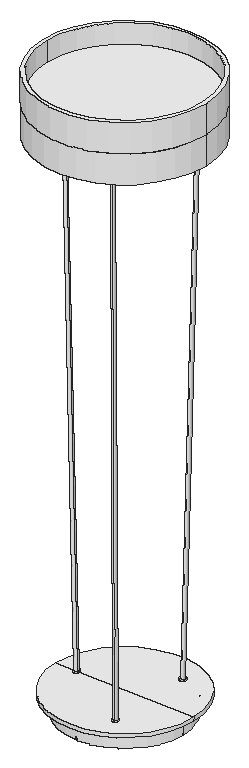
Revit family "DEEP FOCUS ROUND LIGHT", category Lighting Fixtures, host Face, Revit 2020
Family settings
  Host = Face
  Round Connector Dimension = Use Diameter
  Part Type = Normal
  Cut with Voids When Loaded = No
  Light Source = Yes
  Shared = No
  Room Calculation Point = No
Parameters (values of type "DFRD12-15-40901-ACPMK")
  Wattage Comments = "15 W"
  Wattage = 8.61709 W
  built-in parameter 1150110 = 1 (stored number, unit not read)
  Voltage = "120-277 V"  # constant formula
  URL = "https://www.abovealllighting.com/search/index.html?keys=DEEP%20FOCUS%20ROUND%20LIGHT"
  Type Comments = "DEEP FOCUS ROUND LIGHT"  # constant formula
  built-in parameter 1114217 = 1 (stored number, unit not read)
  Tilt Angle = -90.00°
  built-in parameter 1150109 = 1 (stored number, unit not read)
  built-in parameter 1150134 = 12
  Suspender Material = Aluminum
  Surface Mount = not(Aircraft Cable Pendant Mount)  # no
  built-in parameter 1150113 = 1 (stored number, unit not read)
  Power Factor = 1  # constant formula
  Photometric Web File = "DFRD12_15_40901_ACPMK.IES"
  Order number = "16821"
  built-in parameter 1150142 = "﻿IESNA:LM-63-2002\r\n[TEST] \r\n[DATE] 2023-08-19\r\n[MANUFAC] Aboveall lighting\r\n[LUMCAT] \r\n[LUMINAIRE] DFRD12-15-40901-ACPMK\r\n[LAMPCAT] \r\n[LAMP] \r\nTILT=NONE\r\n1 1353.7 0.7 91 13 1 2 0.30 0.30 0.10\r\n1 1 15.8\r\n0. 1. 2. 3. 4. 5. 6. 7. 8. 9. 10. 11. 12. 13. 14. 15. 16. 17. 18. 19. 20. 21. 22. 23. 24. 25. 26. 27. 28. 29. 30. 31. 32. 33. 34. 35. 36. 37. 38. 39. 40. 41. 42. 43. 44. 45. 46. 47. 48. 49. 50. 51. 52. 53. 54. 55. 56. 57. 58. 59. 60. 61. 62. 63. 64. 65. 66. 67. 68. 69. 70. 71. 72. 73. 74. 75. 76. 77. 78. 79. 80. 81. 82. 83. 84. 85. 86. 87. 88. 89. 90. \r\n0. 30. 60. 90. 120. 150. 180. 210. 240. 270. 300. 330. 360. \r\n711.917 711.59 709.82 709.82 706.634 705.218 703.802 700.969 697.429 695.659 691.765 689.641 684.684 679.728 676.896 671.231 665.213 658.84 655.3 648.22 644.68 636.891 628.394 624.5 615.295 611.047 601.842 597.24 587.681 577.769 572.812 562.192 557.235 546.261 534.932 529.267 517.939 511.92 499.883 494.219 481.828 469.437 462.357 449.612 436.867 430.14 417.041 403.234 396.508 383.055 369.248 362.168 348.29 334.341 327.261 313.241 306.161 292.071 277.556 270.263 255.075 247.994 234.577 219.495 212.38 198.289 191.173 177.402 170.498 156.691 143.026 136.229 122.988 116.51 103.694 77.0 77.0 72.504 60.751 54.343 43.297 32.606 27.402 17.347 8.39 4.567 0.637 0.708 0.743 0.814 0.885 \r\n711.917 711.236 710.528 709.466 709.112 707.342 705.218 703.802 700.969 699.553 694.243 689.995 689.995 685.392 680.436 677.604 675.126 669.461 663.089 656.362 653.176 646.096 642.201 634.413 626.27 618.128 613.525 604.675 599.718 590.514 580.601 575.645 565.732 560.422 549.447 537.764 532.454 520.771 515.106 497.051 491.387 485.368 472.623 466.605 453.86 447.488 434.389 414.563 408.191 401.11 394.384 380.931 366.77 358.981 345.528 331.474 324.464 310.409 296.142 274.83 274.83 260.421 253.305 238.931 224.806 217.69 203.494 196.59 182.606 168.728 161.86 148.159 140.654 127.201 120.581 107.553 88.648 88.648 76.115 70.168 58.556 47.298 41.775 31.048 20.817 15.931 7.576 4.496 0.248 0.212 0.212 \r\n711.917 711.944 711.59 711.236 710.174 709.82 708.404 707.342 705.218 702.74 700.969 697.783 694.243 692.119 687.871 682.914 680.436 675.126 669.461 666.275 659.903 653.176 649.636 646.096 638.661 630.872 622.022 617.774 608.923 604.321 595.116 585.203 580.247 570.334 565.378 554.757 549.447 538.472 526.789 521.125 509.442 503.424 491.387 479.35 472.269 459.878 447.134 440.761 427.662 414.563 407.837 394.384 387.303 373.85 360.043 346.307 339.368 325.561 318.587 304.32 290.053 282.866 267.501 260.421 246.189 239.144 225.195 211.034 204.025 189.934 183.031 169.118 162.391 148.903 135.415 128.688 115.695 102.95 102.95 84.258 72.292 66.344 54.06 48.289 46.944 27.083 16.993 12.355 2.16 0.248 0.212 \r\n711.917 711.59 710.882 709.82 709.112 707.342 704.864 703.802 700.969 697.429 695.659 691.411 687.162 684.684 679.374 674.064 671.231 665.213 662.027 655.3 648.22 644.68 636.891 632.997 624.854 620.606 611.755 602.905 597.948 588.035 583.079 573.166 562.9 557.589 546.969 541.304 530.329 518.647 512.628 500.945 488.909 482.89 470.499 458.108 451.736 438.991 425.538 419.166 405.005 391.198 384.471 371.018 364.646 350.272 343.263 329.243 315.33 308.214 294.159 287.008 272.882 258.544 251.358 237.161 230.116 215.955 201.051 194.112 180.376 173.508 159.736 146.142 139.521 126.139 113.146 106.632 76.894 76.894 75.372 63.583 52.219 46.59 35.615 30.305 20.038 10.125 6.266 0.885 0.549 0.212 0.212 \r\n711.917 712.298 712.298 711.59 710.528 709.466 708.758 706.634 705.572 702.74 701.323 697.783 693.889 692.119 689.995 685.392 680.436 674.772 671.939 665.921 662.735 656.008 648.928 645.742 641.847 634.059 625.916 617.066 612.817 603.259 594.054 589.098 579.185 569.272 563.962 553.341 548.031 536.702 525.373 519.355 507.672 495.635 489.617 477.58 471.207 458.816 445.717 439.345 425.538 419.166 405.359 391.906 385.179 371.372 364.646 350.874 344.006 329.951 315.932 308.71 294.62 280.246 272.953 258.686 244.454 237.515 223.354 208.379 201.334 187.35 173.366 166.569 152.939 146.283 132.795 119.625 113.146 100.437 100.437 81.78 69.814 63.972 52.396 46.625 35.367 30.623 20.286 10.267 1.168 0.248 0.177 \r\n711.917 712.298 711.59 710.882 709.466 707.696 706.634 704.156 702.74 699.553 697.783 693.889 689.641 687.162 682.56 680.082 674.418 668.399 665.213 658.84 655.654 645.033 641.139 637.245 624.854 620.252 616.003 606.799 597.594 592.992 583.079 573.166 567.856 557.589 546.615 540.95 529.621 523.957 512.628 506.256 488.554 482.182 475.81 463.419 457.046 443.239 430.14 423.414 410.315 403.234 389.782 382.701 368.894 355.087 341.174 327.19 320.039 312.993 291.54 284.424 277.308 262.828 247.57 240.348 226.08 211.884 204.803 183.704 183.704 169.861 155.983 142.389 135.698 128.9 115.802 102.844 90.17 77.567 77.567 65.601 59.83 42.271 36.783 31.402 16.179 16.179 7.576 1.876 0.177 0.177 0.177 \r\n711.917 713.006 713.006 713.006 712.298 711.944 710.528 709.82 708.05 705.572 704.156 701.323 699.553 696.013 691.765 689.995 684.684 679.728 676.896 671.231 668.399 662.027 655.3 648.22 644.325 636.891 628.394 624.5 624.5 611.401 602.196 592.638 587.681 577.061 572.104 561.838 556.173 545.552 533.87 528.205 516.522 510.858 498.821 486.784 480.412 468.021 461.649 448.55 435.805 429.078 415.625 402.172 395.092 380.577 366.77 359.689 345.847 332.005 324.783 310.445 303.293 296.106 274.157 266.935 252.526 245.375 231.037 216.663 209.512 202.361 188.306 173.26 159.488 152.691 138.919 132.051 118.882 112.332 105.889 86.878 80.824 68.681 56.892 51.015 46.767 29.49 24.322 14.657 4.071 0.248 0.177 \r\n711.917 711.236 711.236 710.528 710.174 708.404 706.634 705.572 703.094 700.261 698.491 694.951 691.057 688.579 684.33 679.02 676.542 670.877 667.691 661.673 654.946 654.946 644.325 639.723 631.935 623.792 619.19 610.693 606.091 601.488 587.327 582.371 572.458 567.502 556.881 551.217 540.242 528.913 523.249 511.566 498.821 493.511 480.412 468.021 461.649 455.276 435.805 429.078 415.625 409.253 395.8 381.993 374.912 361.105 347.157 340.324 326.128 326.128 304.709 290.407 283.114 267.926 260.669 246.366 239.179 224.983 210.822 203.812 189.722 182.712 168.764 155.028 148.159 134.636 121.395 114.775 102.03 89.533 83.444 76.505 58.804 53.068 46.66 31.19 25.915 16.002 11.4 3.576 0.779 0.743 0.779 \r\n711.917 711.236 710.174 709.466 708.05 705.926 704.864 702.032 700.615 697.429 695.659 691.411 684.684 684.684 679.374 673.71 670.877 664.859 658.486 654.946 647.866 640.431 636.537 628.394 620.252 615.649 606.799 602.196 592.992 583.079 577.769 567.856 562.192 551.925 540.242 534.224 522.895 517.23 499.529 499.529 487.138 474.747 468.729 455.984 449.612 436.513 423.414 416.687 402.88 389.427 382.347 367.832 353.883 346.944 332.783 318.693 311.648 297.487 283.008 275.644 261.306 254.332 239.887 225.691 218.54 204.449 197.369 183.35 176.481 162.604 147.982 141.114 127.803 121.218 108.261 77.39 77.39 76.611 70.628 58.839 47.475 41.846 31.013 20.427 15.577 6.974 0.85 0.602 0.673 0.743 0.779 \r\n711.917 711.944 711.944 711.236 710.174 709.466 707.696 706.634 704.156 702.74 699.907 696.367 694.243 689.995 687.871 683.268 678.312 675.48 669.461 666.629 660.257 657.07 649.636 642.555 634.413 630.518 630.518 612.817 608.569 599.364 589.806 584.849 574.937 564.316 559.005 548.385 542.72 531.391 525.727 514.044 502.361 495.635 483.952 477.934 465.543 452.444 445.009 432.264 425.538 412.085 405.359 391.906 377.745 371.018 357.211 343.475 336.359 322.34 307.896 300.85 286.371 272.104 264.952 250.685 235.533 228.452 214.185 207.282 193.227 179.278 172.269 165.4 151.629 138.105 124.758 118.209 105.358 105.358 86.524 80.328 68.291 56.467 50.626 47.085 33.42 22.87 13.205 4.992 0.779 0.743 0.814 \r\n711.917 711.944 710.882 709.466 708.758 706.988 704.51 703.094 699.907 696.367 694.243 689.995 687.871 683.268 677.958 675.126 669.461 666.629 659.903 653.176 649.636 642.201 634.413 630.165 625.916 617.42 608.569 603.967 594.762 589.452 579.539 569.272 563.962 553.341 542.366 536.702 525.373 513.69 507.672 495.989 483.598 477.226 464.835 452.09 445.717 432.619 425.184 411.731 398.278 391.552 377.745 370.664 356.857 349.954 335.863 321.809 314.764 300.603 293.31 278.901 264.421 257.412 235.958 235.958 220.876 206.715 199.635 185.721 171.879 164.94 151.239 137.574 130.918 117.89 104.862 77.319 77.319 73.566 67.583 55.901 50.165 38.978 28.11 22.87 12.603 8.355 1.947 0.637 0.673 0.743 0.814 \r\n711.917 712.298 711.944 711.59 710.528 709.112 708.404 705.926 703.448 702.032 698.845 695.305 693.181 688.579 686.454 681.498 676.188 673.356 667.337 660.965 657.424 650.698 647.158 639.723 635.475 627.332 618.836 614.587 609.985 601.134 591.576 581.309 575.999 565.732 560.422 549.801 538.826 533.162 521.479 509.796 503.778 491.741 479.35 473.331 460.941 447.842 441.469 428.37 414.917 414.917 393.676 386.949 373.142 366.416 352.573 338.625 331.474 317.49 310.267 296.071 281.521 274.476 260.031 252.915 238.648 231.639 217.513 203.387 196.413 182.323 174.534 160.727 147.027 133.609 126.989 113.819 101.11 101.11 82.523 70.522 64.716 53.104 47.369 36.5 25.95 25.95 10.869 3.646 0.814 0.779 0.885 \r\n711.917 711.59 709.82 709.82 706.634 705.218 703.802 700.969 697.429 695.659 691.765 689.641 684.684 679.728 676.896 671.231 665.213 658.84 655.3 648.22 644.68 636.891 628.394 624.5 615.295 611.047 601.842 597.24 587.681 577.769 572.812 562.192 557.235 546.261 534.932 529.267 517.939 511.92 499.883 494.219 481.828 469.437 462.357 449.612 436.867 430.14 417.041 403.234 396.508 383.055 369.248 362.168 348.29 334.341 327.261 313.241 306.161 292.071 277.556 270.263 255.075 247.994 234.577 219.495 212.38 198.289 191.173 177.402 170.498 156.691 143.026 136.229 122.988 116.51 103.694 77.0 77.0 72.504 60.751 54.343 43.297 32.606 27.402 17.347 8.39 4.567 0.637 0.708 0.743 0.814 0.885 \r\n"
  Model = "DFRD12-15-40901-ACPMK"
  Manufacturer = "Above All Lighting"  # constant formula
  built-in parameter 1150105 = 101.86 (stored number, unit not read)
  Lumens = 1280 lm
  built-in parameter 1150115 = 1 (stored number, unit not read)
  Load Classification = Lighting
  built-in parameter 1150137 = (empty or 0)
  built-in parameter 1150139 = (empty or 0)
  built-in parameter 1150112 = 1 (stored number, unit not read)
  built-in parameter 1150114 = 1 (stored number, unit not read)
  Inside Element = White
  built-in parameter 1150132 = 2
  built-in parameter 1150102 = (empty or 0)
  built-in parameter 1150107 = 4000 (stored number, unit not read)
  built-in parameter 1150138 = (empty or 0)
  built-in parameter 1150106 = 1.0186 (stored number, unit not read)
  IP Rating = "20"  # constant formula
  Fixture Height = 3' - 0"  # constant formula
  Fixture Diameter = D1 * 2  # 0' - 11 103/128"
  Finish/Color = White-PMMA Aluminum
  built-in parameter 1150104 = 13.8 (stored number, unit not read)
  Dimming Lamp Color Temperature Shift = <None>
  Dimming / Control = "0-10 V"  # constant formula
  Description = "The Deep Focus Round Light offers the FOCUS family more choices. Fixture comes in diameters \r\nfrom 11.8 through 23.6 Deep recessed light source design achieving perfect glare control."  # constant formula
  Default Elevation = 0' - 0"
  D2 = D1 - 0' 1 1/2"  # 0' - 4 103/256"
  D1 = 0' - 5 231/256"
  Color Filter = 16777215
  Canopy Height = 0' - 0"
  Canopy Dia = 0' - 0"
  CRI = "90"  # constant formula
  built-in parameter 1114218 = 1 (stored number, unit not read)
  B2 = 0' - 0"
  B1 = 0' - 0"
  B = 0' - 3 1/2"
  Average life based on 77F(HRS) = "50000"  # constant formula
  built-in parameter 1150133 = 10 (stored number, unit not read)
  Apparent Load = 18.75 VA
  Aircraft Cable Pendant Mount = yes
Reference planes (in)
  plane 1 "Center (Front/Back)": y = 0
  plane 2: z = 0
  plane 3 "Center (Left/Right)": x = 0
  plane 4: z = 37.38
  plane 5: z = 41.38
  plane 6: z = 1.38
  plane 7: x = -5.90234
  plane 8: x = -3.5
Dimensions and locks (in)
  "Fixture Height": plane 4 to plane 6
  locked: plane 5 to plane 4 at 4
  locked: plane 6 to plane 2 at 1.38
  "D1": plane 3 "Center (Left/Right)" to plane 7
  "B": plane 3 "Center (Left/Right)" to plane 8
  aligned and locked: plane 2 to host face
  aligned and locked: level to host face
  aligned and locked: nested 1 to plane 4
  aligned and locked: nested 3 to plane 2
  aligned and locked: plane 3 "Center (Left/Right)" to nested 3
  aligned and locked: plane 4 to imposter light
Automatic sketch dimensions
  host sketch curve to host sketch curve = 8' - 0"  (x2)
Nested families (in)
  nested 1: "Family5" at (0, 0, 37.38), D1 <- "D1", Body Material <- "Finish/Color", Inside Element <- "Inside Element", visible <- "Aircraft Cable Pendant Mount", type "Family5"
    with Inside Element White, D2 0' - 5 167/256", D1 0' - 5 231/256", D 0' - 11 103/128", Body Material White-PMMA Aluminum
  nested 2: "Family6" at (0, 0, 0), Fixture Height <- "Fixture Height", Suspender Material <- "Finish/Color", visible <- "Aircraft Cable Pendant Mount", B1 <- "D2", type "Family6"
    with Suspender Material White-PMMA Aluminum, H1 3' - 0.01131", Fixture Height 3' - 0", Canopy Dia 0' - 5", B2 0' - 0 231/256", B1 0' - 4 103/256", B 0' - 3 1/2", Aircraft Cable Pendant Mount yes
  nested 3: "DEEP FOCUS SURFACE MOUNT" at (0, 0, 0), D1 <- "D1", Body Material <- "Finish/Color", Inside Element <- "Inside Element", visible <- "Surface Mount", type "DEEP FOCUS SURFACE MOUNT"
    with Inside Element White, D2 0' - 5 167/256", D1 0' - 5 231/256", D 0' - 11 103/128", Body Material White-PMMA Aluminum
Connectors (in)
  electrical at (0, 0, 0), driven by "Load Classification", driven by "Apparent Load", driven by "Power Factor"
    settings: on host face, index 1, voltage 0 V, apparent load 18.75 VA, apparent load phase1 0 VA, apparent load phase2 0 VA, apparent load phase3 0 VA, power factor 1, load classification "Lighting", number of poles 1, system type 30, power factor state 1, is connector primary yes, connector utility no, sub classification motor no, connector description ""
Definition of nested family "Family5"
  Parameters (values of type "Family5")
    Inside Element [instance] = none
    H1 = 0' - 2"
    Default Elevation = 0' - 0"
    D2 [instance] = D1 - 0' 0 1/4"  # 0' - 9.2"
    D1 [instance] = 0' - 9.45"
    D [instance] = D1 * 2  # 1' - 6.9"
    Body Material [instance] = none
  Reference planes (in)
    plane 1 "Center (Front/Back)": y = 0
    plane 2: z = 0
    plane 3 "Center (Left/Right)": x = 0
    plane 4: x = -9.45
    plane 5: x = 9.45
    plane 6: z = 2
    plane 7: z = 4
    plane 8: z = 2.63335
  Forms (in)
    Extrusion 1, solid, material <- "Body Material"
      sketch origin (0, 0, 0) x (1, 0, 0) y (0, 1, 0)
        loop
          circle (0, 0) r 9.45
      from 0 to 2
    Sweep 2, solid, material <- "Body Material"
      path origin (0, 0, 0) x (1, 0, 0) y (0, 1, 0)
        loop
          circle (0, 0) r 9.45
      profile origin (0, 9.45, 0) x (0, -1, 0) y (0, 0, 1)
        loop
          line (0, 2) -> (0.25, 2) -> (0.25, 4) -> (0, 4) -> (0, 2)
    Extrusion 3, solid, material <- "Body Material"
      sketch origin (0, 0, 0) x (1, 0, 0) y (0, 1, 0)
        loop
          circle (0, 0) r 9.2
      from 2 to 2.63335
  Cuts and joins
    joined: Extrusion 1, Sweep 2
  Dimensions and locks (in)
    equal spacing: plane 4, plane 3 "Center (Left/Right)", plane 5
    "D": plane 4 to plane 5
    "H1": plane 6 to plane 2
    locked: plane 7 to plane 6 at 2
    locked: plane 8 to plane 6 at 0.63335
    locked: Sweep 2 sketch curve to Sweep 2 sketch curve at 0.25
    "D1": radius of Extrusion 1 sketch curve
    "D1": radius of Sweep 2 sketch curve
    "D2": radius of Extrusion 3 sketch curve
    aligned and locked: plane 2 to level
    aligned and locked: plane 7 to Sweep 2 sketch curve
    aligned and locked: profile plane to Sweep 2 sketch curve
    aligned and locked: Sweep 2 sketch curve to plane 6
    aligned and locked: plane 6 to Extrusion 1
    aligned and locked: Extrusion 3 to Extrusion 1
  Automatic sketch dimensions
    plane 1 "Center (Front/Back)" to Extrusion 1 sketch curve = 0' - 0"
    Extrusion 1 sketch curve to plane 3 "Center (Left/Right)" = 0' - 0"
    plane 1 "Center (Front/Back)" to Sweep 2 sketch curve = 0' - 0"
    Sweep 2 sketch curve to plane 3 "Center (Left/Right)" = 0' - 0"
    plane 1 "Center (Front/Back)" to Extrusion 3 sketch curve = 0' - 0"
    Extrusion 3 sketch curve to plane 3 "Center (Left/Right)" = 0' - 0"
Definition of nested family "Family6"
  Parameters (values of type "Family6")
    Suspender Material [instance] = none
    H1 [instance] = sqrt((B2 ^ 2) + (Fixture Height ^ 2))  # 4' - 11.2558"
    Fixture Height [instance] = 4' - 11"
    Default Elevation = 0' - 0"
    Canopy Height = 0' - 1.38"
    Canopy Dia [instance] = 0' - 5"
    B2 [instance] = B1 - B  # 0' - 5 1/2"
    B1 [instance] = 0' - 9"
    B [instance] = Canopy Dia - 0' 1 1/2"  # 0' - 3 1/2"
    Aircraft Cable Pendant Mount [instance] = yes
  Reference planes (in)
    plane 1 "Center (Front/Back)": y = 0
    plane 2: z = 0
    plane 3 "Center (Left/Right)": x = 0
    plane 4: z = 60.38
    plane 5: z = 1.38
    plane 6: x = -3.5
    plane 7: x = -9
  Forms (in)
    Revolve 1, solid, material <- "Suspender Material"
      sketch origin (0, 0, 0) x (1, 0, 0) y (0, 0, 1)
        loop
          line (0, 1.13) -> (0, 1.38) -> (-5, 1.38) -> (-5, 1.13) -> (-4.25, 1.13) -> (-4.25, 0) -> (-4, 0) -> (-4, 1.13) -> (0, 1.13)
        axis (0, 1.38) -> (0, 0)
      angle from 0 to 360
    Extrusion 2, void
      sketch origin (0, 0, 0) x (1, 0, 0) y (0, 0, 1)
        loop
          line (0, 0) -> (0.03614, 0) -> (0.03614, 0.17422) -> (0, 0.17422) -> (-0.05958, 0.17422) -> (-0.17155, 0.17422) -> (-0.17155, 0.09556) -> (-0.03614, 0.09556) -> (-0.03614, 0) -> (0, 0)
      from -4.50518 to 4.63148
    Extrusion 3, void
      sketch origin (-0.00455, -0.13085, 0) x (0, -1, 0) y (0, 0, 1)
        loop
          line (0, 0) -> (0.03614, 0) -> (0.03614, 0.17422) -> (0, 0.17422) -> (-0.05958, 0.17422) -> (-0.17155, 0.17422) -> (-0.17155, 0.09556) -> (-0.03614, 0.09556) -> (-0.03614, 0) -> (0, 0)
      from -4.50518 to 4.63148
    Revolve 4, solid
      sketch origin (0, 0, 0) x (1, 0, 0) y (0, 0, 1)
        loop
          line (-3.5, 1.38) -> (-3.5, 1.56399) -> (-3.59301, 1.56399) -> (-3.59301, 1.44311) -> (-3.68535, 1.44311)
          arc (-3.68535, 1.44311) -> (-3.70728, 1.43403) -> (-3.71636, 1.4121) r 0.03101
          line (-3.71636, 1.4121) -> (-3.71636, 1.38) -> (-3.5, 1.38)
        axis (-3.5, 1.56399) -> (-3.5, 1.38)
      angle from 0 to 360
    Revolve 5, solid
      sketch origin (0, 0, 0) x (-0.5, -0.866025, 0) y (0, 0, 1)
        loop
          line (-3.5, 1.38) -> (-3.5, 1.56399) -> (-3.59301, 1.56399) -> (-3.59301, 1.44311) -> (-3.68535, 1.44311)
          arc (-3.68535, 1.44311) -> (-3.70728, 1.43403) -> (-3.71636, 1.4121) r 0.03101
          line (-3.71636, 1.4121) -> (-3.71636, 1.38) -> (-3.5, 1.38)
        axis (-3.5, 1.56399) -> (-3.5, 1.38)
      angle from 0 to 360
    Revolve 6, solid
      sketch origin (0, 0, 0) x (-0.5, 0.866025, 0) y (0, 0, 1)
        loop
          line (-3.5, 1.38) -> (-3.5, 1.56399) -> (-3.59301, 1.56399) -> (-3.59301, 1.44311) -> (-3.68535, 1.44311)
          arc (-3.68535, 1.44311) -> (-3.70728, 1.43403) -> (-3.71636, 1.4121) r 0.03101
          line (-3.71636, 1.4121) -> (-3.71636, 1.38) -> (-3.5, 1.38)
        axis (-3.5, 1.56399) -> (-3.5, 1.38)
      angle from 0 to 360
  Cuts and joins
    Extrusion 2, Extrusion 3 cuts Revolve 1
  Dimensions and locks (in)
    "Canopy Dia": plane 3 "Center (Left/Right)" to Revolve 1 sketch curve
    locked: Revolve 1 sketch curve to Revolve 1 sketch curve at 0.25  (x2)
    locked: plane 3 "Center (Left/Right)" to Revolve 1 sketch curve at 4
    locked: Extrusion 2 sketch curve to Extrusion 2 sketch curve at 0.07866
    locked: Extrusion 2 sketch curve to Extrusion 2 sketch curve at 0.07228
    locked: Extrusion 3 sketch curve to Extrusion 3 sketch curve at 0.07866
    locked: Extrusion 3 sketch curve to Extrusion 3 sketch curve at 0.07228
    "Fixture Height": plane 4 to plane 5
    "Canopy Height": plane 5 to plane 2
    "B": plane 3 "Center (Left/Right)" to plane 6
    "B1": plane 3 "Center (Left/Right)" to plane 7
    locked: Revolve 4 sketch curve to Revolve 4 sketch curve at 0.06311
    locked: Revolve 5 sketch curve to Revolve 5 sketch curve at 0.06311
    locked: Revolve 6 sketch curve to Revolve 6 sketch curve at 0.06311
    aligned and locked: plane 2 to level
    aligned and locked: plane 3 "Center (Left/Right)" to Revolve 1 sketch curve
    aligned and locked: Revolve 1 sketch curve to plane 3 "Center (Left/Right)"
    aligned and locked: plane 2 to Extrusion 2 sketch curve
    aligned and locked: cut or joined group of Revolve 1, Extrusion 2, Extrusion 3 to plane 2
    aligned and locked: plane 1 "Center (Front/Back)" to nested 1
    aligned and locked: nested 1 to plane 6
    aligned and locked: plane 5 to nested 1
  Automatic sketch dimensions
    Extrusion 2 sketch curve to plane 3 "Center (Left/Right)" = 0' - 0"  (x2)
    Extrusion 2 sketch curve to plane 3 "Center (Left/Right)" = 0' - 0.03614"
    Extrusion 2 sketch curve to Extrusion 2 sketch curve = 0' - 0.05958"
    Extrusion 2 sketch curve to Extrusion 2 sketch curve = 0' - 0.11197"
    level to Extrusion 2 sketch curve = 0' - 0.09556"
    Extrusion 3 sketch curve to level = 0' - 0"
    Extrusion 3 sketch curve to plane 1 "Center (Front/Back)" = 0' - 0.04069"
    plane 1 "Center (Front/Back)" to Extrusion 3 sketch curve = 0' - 0.07127"
    plane 1 "Center (Front/Back)" to Extrusion 3 sketch curve = 0' - 0.09471"
    Extrusion 3 sketch curve to Extrusion 3 sketch curve = 0' - 0.03614"  (x2)
    level to Extrusion 3 sketch curve = 0' - 0.09556"
    Revolve 4 sketch curve to Revolve 4 sketch curve = 0' - 0.09234"
    Revolve 4 sketch curve to Revolve 4 sketch curve = 0' - 0.03101"
    Revolve 4 sketch curve to Revolve 4 sketch curve = 0' - 0.12088"
    Revolve 4 sketch curve to Revolve 4 sketch curve = 0' - 0.02023"
    Revolve 4 sketch curve to Revolve 4 sketch curve = 0' - 0.09301"
    Revolve 4 sketch curve to Revolve 4 sketch curve = 0' - 0"
    Revolve 4 sketch curve to Revolve 4 sketch curve = 0' - 0.05756"
    Revolve 5 sketch curve to Revolve 5 sketch curve = 0' - 0.09234"
    Revolve 5 sketch curve to Revolve 5 sketch curve = 0' - 0.03101"
    Revolve 5 sketch curve to Revolve 5 sketch curve = 0' - 0.12088"
    Revolve 5 sketch curve to Revolve 5 sketch curve = 0' - 0.02023"
    Revolve 5 sketch curve to Revolve 5 sketch curve = 0' - 0.09301"
    Revolve 5 sketch curve to Revolve 5 sketch curve = 0' - 0"
    Revolve 5 sketch curve to Revolve 5 sketch curve = 0' - 0.05756"
    Revolve 6 sketch curve to Revolve 6 sketch curve = 0' - 0.09234"
    Revolve 6 sketch curve to Revolve 6 sketch curve = 0' - 0.03101"
    Revolve 6 sketch curve to Revolve 6 sketch curve = 0' - 0.12088"
    Revolve 6 sketch curve to Revolve 6 sketch curve = 0' - 0.02023"
    Revolve 6 sketch curve to Revolve 6 sketch curve = 0' - 0.09301"
    Revolve 6 sketch curve to Revolve 6 sketch curve = 0' - 0"
    Revolve 6 sketch curve to Revolve 6 sketch curve = 0' - 0.05756"
    Revolve 1 sketch curve to level = 0' - 0"
    Revolve 1 sketch curve to plane 5 = 0' - 0"
    Revolve 1 sketch curve to plane 5 = 0' - 0 1/4"
    level to Revolve 1 sketch curve = 0' - 0.38"
    Revolve 1 sketch curve to Revolve 1 sketch curve = 0' - 0 3/4"
  Nested families (in)
    nested 1: "Family5" at (0, 0, 1.3916), A1 <- "B", D2 <- "B1", Suspender Height <- "Fixture Height", Suspender Material <- "Suspender Material", type "Family5"
      with Suspender Material none, Suspender Height 4' - 11", H1 4' - 11.2558", D3 0' - 5 1/2", D2 0' - 9", Aircraft Cable Pendant Mount yes, A1 0' - 3 1/2"
    nested 2: "Family5" at (0, 0, 1.3916) x (-0.5, 0.866, 0) z (0, 0, 1), A1 <- "B", D2 <- "B1", Suspender Height <- "Fixture Height", Suspender Material <- "Suspender Material", type "Family5"
      with Suspender Material none, Suspender Height 4' - 11", H1 4' - 11.2558", D3 0' - 5 1/2", D2 0' - 9", Aircraft Cable Pendant Mount yes, A1 0' - 3 1/2"
    nested 3: "Family5" at (0, 0, 1.3916) x (-0.5, -0.866, 0) z (0, 0, 1), A1 <- "B", D2 <- "B1", Suspender Height <- "Fixture Height", Suspender Material <- "Suspender Material", type "Family5"
      with Suspender Material none, Suspender Height 4' - 11", H1 4' - 11.2558", D3 0' - 5 1/2", D2 0' - 9", Aircraft Cable Pendant Mount yes, A1 0' - 3 1/2"
  Definition of nested family "Family5"
    Parameters (values of type "Family5")
      Suspender Material [instance] = none
      Suspender Height [instance] = 2' - 3.30679"
      H1 [instance] = sqrt(D3 ^ 2 + Suspender Height ^ 2)  # 3' - 1.49148"
      Default Elevation = 0' - 0"
      D3 [instance] = D2 - A1  # 2' - 1.6895"
      D2 [instance] = 3' - 0"
      Aircraft Cable Pendant Mount [instance] = yes
      A1 [instance] = 0' - 10.3105"
    Reference planes (in)
      plane 1 "Center (Front/Back)": y = 0
      plane 2: z = 0
      plane 3 "Center (Left/Right)": x = 0
      plane 4: x = -36
      plane 5: x = -10.3105
      plane 6: z = 27.30679
    Forms (in)
      Sweep 1, solid, material <- "Suspender Material", visible <- "Aircraft Cable Pendant Mount"
        path origin (0, 0, 0) x (1, 0, 0) y (0, 0, 1)
          loop
            line (-10.3105, 0) -> (-36, 27.30679)
        profile origin (-23.15525, 0, 13.65339) x (-0.728346, 0, -0.685209) y (0, -1, 0)
          loop
            circle (0, 0) r 0.125
    Dimensions and locks (in)
      "D2": plane 3 "Center (Left/Right)" to plane 4
      "A1": plane 3 "Center (Left/Right)" to plane 5
      "Suspender Height": plane 6 to plane 2
      "H1": Sweep 1 sketch curve to Sweep 1 sketch curve
      locked: Sweep 1 sketch curve to profile plane  (x2)
      aligned and locked: plane 2 to level
      aligned and locked: plane 2 to Sweep 1 sketch curve
      aligned and locked: plane 5 to Sweep 1 sketch curve
      aligned and locked: plane 4 to Sweep 1 sketch curve
    Automatic sketch dimensions
      radius of Sweep 1 sketch curve = 0' - 0 1/8"
Definition of nested family "DEEP FOCUS SURFACE MOUNT"
  Parameters (values of type "DEEP FOCUS SURFACE MOUNT")
    Inside Element [instance] = none
    H1 = 0' - 2"
    Default Elevation = 0' - 0"
    D2 [instance] = D1 - 0' 0 1/4"  # 0' - 9.2"
    D1 [instance] = 0' - 9.45"
    D [instance] = D1 * 2  # 1' - 6.9"
    Body Material [instance] = none
  Reference planes (in)
    plane 1 "Center (Front/Back)": y = 0
    plane 2: z = 0
    plane 3 "Center (Left/Right)": x = 0
    plane 4: x = -9.45
    plane 5: x = 9.45
    plane 6: z = 2
    plane 7: z = 4
    plane 8: z = 2.63335
  Forms (in)
    Extrusion 1, solid, material <- "Body Material"
      sketch origin (0, 0, 0) x (1, 0, 0) y (0, 1, 0)
        loop
          circle (0, 0) r 9.45
      from 0 to 2
    Sweep 2, solid, material <- "Body Material"
      path origin (0, 0, 0) x (1, 0, 0) y (0, 1, 0)
        loop
          circle (0, 0) r 9.45
      profile origin (0, 9.45, 0) x (0, -1, 0) y (0, 0, 1)
        loop
          line (0, 2) -> (0.25, 2) -> (0.25, 4) -> (0, 4) -> (0, 2)
    Extrusion 3, solid, material <- "Inside Element"
      sketch origin (0, 0, 0) x (1, 0, 0) y (0, 1, 0)
        loop
          circle (0, 0) r 9.2
      from 2 to 2.63335
  Cuts and joins
    joined: Extrusion 1, Sweep 2
  Dimensions and locks (in)
    equal spacing: plane 4, plane 3 "Center (Left/Right)", plane 5
    "D": plane 4 to plane 5
    "H1": plane 6 to plane 2
    locked: plane 7 to plane 6 at 2
    locked: plane 8 to plane 6 at 0.63335
    locked: Sweep 2 sketch curve to Sweep 2 sketch curve at 0.25
    "D1": radius of Extrusion 1 sketch curve
    "D1": radius of Sweep 2 sketch curve
    "D2": radius of Extrusion 3 sketch curve
    aligned and locked: plane 2 to level
    aligned and locked: plane 7 to Sweep 2 sketch curve
    aligned and locked: profile plane to Sweep 2 sketch curve
    aligned and locked: Sweep 2 sketch curve to plane 6
    aligned and locked: plane 6 to Extrusion 1
    aligned and locked: Extrusion 3 to Extrusion 1
  Automatic sketch dimensions
    plane 1 "Center (Front/Back)" to Extrusion 1 sketch curve = 0' - 0"
    Extrusion 1 sketch curve to plane 3 "Center (Left/Right)" = 0' - 0"
    plane 1 "Center (Front/Back)" to Sweep 2 sketch curve = 0' - 0"
    Sweep 2 sketch curve to plane 3 "Center (Left/Right)" = 0' - 0"
    plane 1 "Center (Front/Back)" to Extrusion 3 sketch curve = 0' - 0"
    Extrusion 3 sketch curve to plane 3 "Center (Left/Right)" = 0' - 0"
